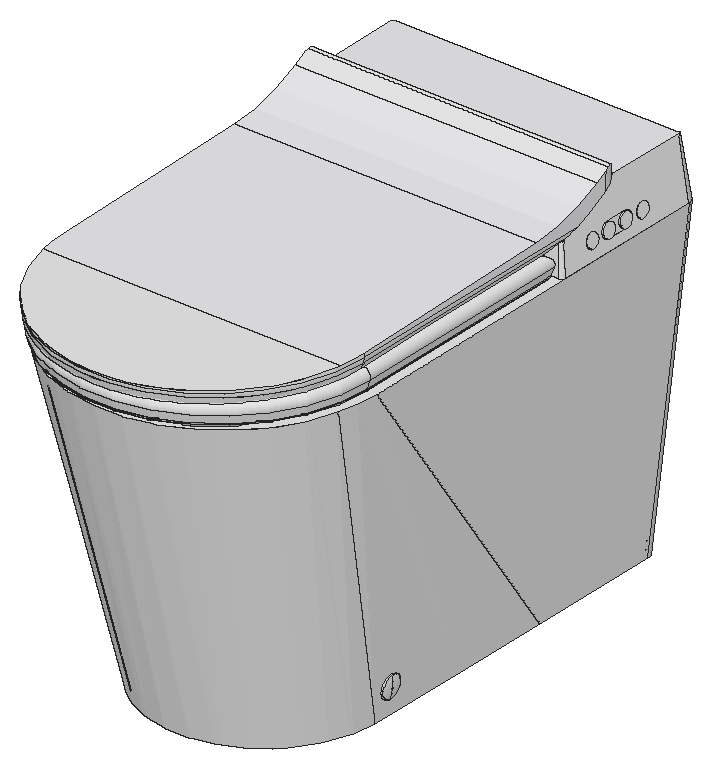
Revit family "X", category Plumbing Fixtures, host Face, Revit 2022 (continued)
Definition of nested family "K-28529X"
  Lines and regions (in)
    symbolic lines, detail levels medium+fine
      curve 126: arc (0, -15.60272, 15.90552) -> (0, -15.6445, 15.88637) -> (0, -15.68187, 15.85961) r 0.24012
      curve 127: line (0, -22.73658, 15.8371) -> (0, -23.63343, 15.8371)
      curve 128: arc (0, -23.63343, 15.8371) -> (0, -23.66226, 15.84423) -> (0, -23.68443, 15.86397) r 0.06184
      curve 129: arc (0, -23.68443, 15.86397) -> (0, -23.71337, 15.89169) -> (0, -23.75098, 15.90552) r 0.09804
      curve 130: arc (0, -22.67651, 15.85961) -> (0, -22.7045, 15.84291) -> (0, -22.73658, 15.8371) r 0.09138
      curve 131: arc (0, -22.59736, 15.90552) -> (0, -22.63914, 15.88637) -> (0, -22.67651, 15.85961) r 0.24012
      curve 132: line (0, -25.79608, 15.90552) -> (0, -12.27045, 15.90552)
      curve 133: line (0, -3.74016, 3.77482) -> (0, -3.74017, 4.93847)
      curve 134: spline (0, -3.74017, 4.93847) -> (0, -3.42502, 4.80705) -> (0, -3.15006, 4.6053) -> (0, -2.93085, 4.34464) -> (0, -2.77984, 4.03986) -> (0, -2.70558, 3.70822) -> (0, -2.71227, 3.36853) -> (0, -2.79955, 3.04004) -> (0, -2.96245, 2.74137) -> (0, -3.19175, 2.48945) -> (0, -3.47446, 2.29856) -> (0, -3.79454, 2.17952) -> (0, -4.13385, 2.13907)
      curve 135: spline (0, -4.13386, 3.3834) -> (0, -4.08247, 3.38675) -> (0, -4.03196, 3.39674) -> (0, -3.98319, 3.4132) -> (0, -3.93701, 3.43585) -> (0, -3.89419, 3.46429) -> (0, -3.85547, 3.49805) -> (0, -3.82151, 3.53654) -> (0, -3.7929, 3.57911) -> (0, -3.77013, 3.62503) -> (0, -3.75357, 3.67351) -> (0, -3.74353, 3.72373) -> (0, -3.74016, 3.77482)
      curve 136: line (0, -4.52756, 3.77481) -> (0, -4.52757, 4.93846)
      curve 137: spline (0, -4.52757, 4.93846) -> (0, -4.84271, 4.80704) -> (0, -5.11767, 4.60528) -> (0, -5.33687, 4.34462) -> (0, -5.48788, 4.03984) -> (0, -5.56214, 3.7082) -> (0, -5.55544, 3.36851) -> (0, -5.46817, 3.04003) -> (0, -5.30526, 2.74136) -> (0, -5.07595, 2.48944) -> (0, -4.79324, 2.29855) -> (0, -4.47316, 2.17952) -> (0, -4.13385, 2.13907)
      curve 138: spline (0, -4.13386, 3.3834) -> (0, -4.18525, 3.38675) -> (0, -4.23576, 3.39674) -> (0, -4.28452, 3.4132) -> (0, -4.33071, 3.43584) -> (0, -4.37353, 3.46429) -> (0, -4.41225, 3.49805) -> (0, -4.4462, 3.53654) -> (0, -4.47481, 3.57911) -> (0, -4.49759, 3.62503) -> (0, -4.51415, 3.67351) -> (0, -4.52419, 3.72372) -> (0, -4.52756, 3.77481)
      curve 139: line (0, -12.09412, 15.90552) -> (0, -12.13632, 15.74803)
      curve 140: arc (0, -6.89609, 17.43712) -> (0, -6.92594, 17.4087) -> (0, -6.93734, 17.36909) r 0.07874
      curve 141: arc (0, -5.70983, 18.66204) -> (0, -6.13924, 18.32275) -> (0, -6.60071, 18.02852) r 5.41629
      curve 142: arc (0, -6.49968, 17.83068) -> (0, -6.00044, 18.0443) -> (0, -5.54675, 18.34269) r 3.06412
      curve 143: line (0, -22.63702, 17.1029) -> (0, -23.36557, 17.09447)
      curve 144: line (0, -22.80945, 16.94568) -> (0, -23.21561, 16.94452)
      curve 145: line (0, -9.15329, 16.58724) -> (0, -27.36533, 16.53704)
      curve 146: line (0, -1.67298, 15.74803) -> (0, -1.67298, 0)
      curve 147: line (0, -1.67298, 15.74803) -> (0, -1.89418, 17.00252)
      curve 148: line (0, -1.12897, 18.26487) -> (0, -5.64922, 18.26487)
      curve 149: line (0, -0.7874, 15.51181) -> (0, -27.29705, 15.51181)
      curve 150: line (0, -0.7874, 0.19685) -> (0, -22.62001, 0.19685)
      curve 151: line (-5.44907, 0, 0.17311) -> (5.44907, 0, 0.17311)
      curve 152: circle (0, -16.72958, 1.37402) r 0.54389 normal (1, 0, 0)
      curve 153: line (-5.74031, 0, 3.22984) -> (-7.18376, 0, 14.82022)
      curve 154: spline (5.65525, 0, 2.73947) -> (5.66259, 0, 2.79177) -> (5.67015, 0, 2.84358) -> (5.67786, 0, 2.89441) -> (5.68563, 0, 2.94377) -> (5.69339, 0, 2.9912) -> (5.70108, 0, 3.03625) -> (5.70861, 0, 3.0785) -> (5.71593, 0, 3.11754) -> (5.72295, 0, 3.15301) -> (5.72961, 0, 3.18457) -> (5.73586, 0, 3.21192) -> (5.74162, 0, 3.23481)
      curve 155: spline (5.71495, 0, 2.73947) -> (5.70538, 0, 2.67174) -> (5.69549, 0, 2.60509) -> (5.68544, 0, 2.54057) -> (5.67538, 0, 2.4792) -> (5.66547, 0, 2.42197) -> (5.65588, 0, 2.36978) -> (5.64675, 0, 2.32346) -> (5.63822, 0, 2.28374) -> (5.63045, 0, 2.25125) -> (5.62353, 0, 2.22651) -> (5.6176, 0, 2.20992) -> (5.61274, 0, 2.20173)
      curve 156: line (5.74162, 0, 3.23481) -> (7.16846, 0, 14.6722)
      curve 157: arc (-7.21375, 0, 16.07865) -> (-7.22688, 0, 16.08837) -> (-7.2309, 0, 16.1042) r 0.0243
      curve 158: arc (-6.96946, 0, 17.10758) -> (-6.98056, 0, 17.1084) -> (-6.99166, 0, 17.10922) r 9.4345
      curve 159: arc (-7.06909, 0, 17.05016) -> (-7.02233, 0, 17.08417) -> (-6.96946, 0, 17.10758) r 0.27349
      curve 160: arc (-6.47498, 0, 19.36614) -> (-6.81114, 0, 19.21689) -> (-6.96066, 0, 18.88084) r 0.51231
      curve 161: arc (6.94938, 0, 18.82947) -> (6.80595, 0, 19.1807) -> (6.47498, 0, 19.36614) r 0.57499
      curve 162: arc (7.06278, 0, 17.05569) -> (7.01868, 0, 17.08624) -> (6.96946, 0, 17.10758) r 0.27349
      curve 163: line (5.62312, 0, 17.08346) -> (6.39368, 0, 17.08346)
      curve 164: line (5.08433, 0, 17.08346) -> (5.62312, 0, 17.08346)
      curve 165: line (4.63582, 0, 15.91563) -> (5.52674, 0, 15.91563)
      curve 166: line (5.52674, 0, 15.91563) -> (6.68784, 0, 15.91563)
      curve 167: line (5.91493, 0, 15.8324) -> (5.64562, 0, 15.8324)
      curve 168: line (-5.66841, 0, 17.08346) -> (-6.39368, 0, 17.08346)
      curve 169: line (-5.11455, 0, 17.08346) -> (-5.66841, 0, 17.08346)
      curve 170: line (7.2309, 0, 16.1042) -> (7.15776, 0, 16.8758)
      curve 171: arc (7.21375, 0, 16.07865) -> (7.22688, 0, 16.08837) -> (7.2309, 0, 16.1042) r 0.0243
      curve 179: line (6.10792, 0, 5.03111) -> (5.684, 0, 2.12297)
      curve 180: arc (0, -1.94941, 17.31576) -> (0, -2.05829, 17.13507) -> (0, -1.89418, 17.00252) r 0.16054
      curve 181: line (0, -5.13376, 15.76598) -> (0, -5.13376, 17.79247)
      curve 182: arc (0, -5.13376, 17.79247) -> (0, -5.1491, 17.82951) -> (0, -5.18613, 17.84485) r 0.05238
      curve 183: line (0, -5.18613, 17.84485) -> (0, -6.09611, 17.84485)
      curve 184: line (0, -6.09611, 17.84485) -> (0, -6.83893, 17.43309)
      curve 185: arc (0, -6.83893, 17.43309) -> (0, -6.87382, 17.39938) -> (0, -6.88715, 17.35272) r 0.09361
      curve 186: line (0, -6.88715, 17.35272) -> (0, -6.91267, 15.76598)
      curve 187: circle (0, -5.22136, 15.83788) r 0.04264 normal (1, 0, 0)
      curve 188: circle (0, -5.37937, 15.83788) r 0.04264 normal (1, 0, 0)
      curve 189: circle (0, -5.49778, 15.83788) r 0.04264 normal (1, 0, 0)
      curve 190: circle (0, -5.62538, 15.83788) r 0.04264 normal (1, 0, 0)
      curve 191: circle (0, -5.75153, 15.83788) r 0.04264 normal (1, 0, 0)
      curve 192: circle (0, -5.8877, 15.83788) r 0.04264 normal (1, 0, 0)
      curve 193: circle (0, -6.02056, 15.83788) r 0.04264 normal (1, 0, 0)
      curve 194: circle (0, -6.14593, 15.83788) r 0.04264 normal (1, 0, 0)
      curve 195: circle (0, -6.27304, 15.83788) r 0.04264 normal (1, 0, 0)
      curve 196: circle (0, -6.39782, 15.83788) r 0.04264 normal (1, 0, 0)
      curve 197: circle (0, -6.51796, 15.83788) r 0.04264 normal (1, 0, 0)
      curve 198: circle (0, -6.64159, 15.83788) r 0.04264 normal (1, 0, 0)
      curve 199: circle (0, -6.77044, 15.83788) r 0.04264 normal (1, 0, 0)
      curve 200: circle (0, -5.22136, 16.03473) r 0.04264 normal (1, 0, 0)
      curve 201: circle (0, -5.37937, 16.03473) r 0.04264 normal (1, 0, 0)
      curve 202: circle (0, -5.49778, 16.03473) r 0.04264 normal (1, 0, 0)
      curve 203: circle (0, -5.62538, 16.03473) r 0.04264 normal (1, 0, 0)
      curve 204: circle (0, -5.75153, 16.03473) r 0.04264 normal (1, 0, 0)
      curve 205: circle (0, -5.8877, 16.03473) r 0.04264 normal (1, 0, 0)
      curve 206: circle (0, -6.02056, 16.03473) r 0.04264 normal (1, 0, 0)
      curve 207: circle (0, -6.14593, 16.03473) r 0.04264 normal (1, 0, 0)
      curve 208: circle (0, -6.27304, 16.03473) r 0.04264 normal (1, 0, 0)
      curve 209: circle (0, -6.39782, 16.03473) r 0.04264 normal (1, 0, 0)
      curve 210: circle (0, -6.51796, 16.03473) r 0.04264 normal (1, 0, 0)
      curve 211: circle (0, -6.64159, 16.03473) r 0.04264 normal (1, 0, 0)
      curve 212: circle (0, -6.77044, 16.03473) r 0.04264 normal (1, 0, 0)
      curve 213: circle (0, -5.22136, 16.23158) r 0.04264 normal (1, 0, 0)
      curve 214: circle (0, -5.37937, 16.23158) r 0.04264 normal (1, 0, 0)
      curve 215: circle (0, -5.49778, 16.23158) r 0.04264 normal (1, 0, 0)
      curve 216: circle (0, -5.62538, 16.23158) r 0.04264 normal (1, 0, 0)
      curve 217: circle (0, -5.75153, 16.23158) r 0.04264 normal (1, 0, 0)
      curve 218: circle (0, -5.8877, 16.23158) r 0.04264 normal (1, 0, 0)
      curve 219: circle (0, -6.02056, 16.23158) r 0.04264 normal (1, 0, 0)
      curve 220: circle (0, -6.14593, 16.23158) r 0.04264 normal (1, 0, 0)
      curve 221: circle (0, -6.27304, 16.23158) r 0.04264 normal (1, 0, 0)
      curve 222: circle (0, -6.39782, 16.23158) r 0.04264 normal (1, 0, 0)
      curve 223: circle (0, -6.51796, 16.23158) r 0.04264 normal (1, 0, 0)
      curve 224: circle (0, -6.64159, 16.23158) r 0.04264 normal (1, 0, 0)
      curve 225: circle (0, -6.77044, 16.23158) r 0.04264 normal (1, 0, 0)
      curve 226: circle (0, -5.22136, 16.42843) r 0.04264 normal (1, 0, 0)
      curve 227: circle (0, -5.37937, 16.42843) r 0.04264 normal (1, 0, 0)
      curve 228: circle (0, -5.49778, 16.42843) r 0.04264 normal (1, 0, 0)
      curve 229: circle (0, -5.62538, 16.42843) r 0.04264 normal (1, 0, 0)
      curve 230: circle (0, -5.75153, 16.42843) r 0.04264 normal (1, 0, 0)
      curve 231: circle (0, -5.8877, 16.42843) r 0.04264 normal (1, 0, 0)
      curve 232: circle (0, -6.02056, 16.42843) r 0.04264 normal (1, 0, 0)
      curve 233: circle (0, -6.14593, 16.42843) r 0.04264 normal (1, 0, 0)
      curve 234: circle (0, -6.27304, 16.42843) r 0.04264 normal (1, 0, 0)
      curve 235: circle (0, -6.39782, 16.42843) r 0.04264 normal (1, 0, 0)
      curve 236: circle (0, -6.51796, 16.42843) r 0.04264 normal (1, 0, 0)
      curve 237: circle (0, -6.64159, 16.42843) r 0.04264 normal (1, 0, 0)
      curve 238: circle (0, -6.77044, 16.42843) r 0.04264 normal (1, 0, 0)
      curve 239: circle (0, -5.22136, 16.62528) r 0.04264 normal (1, 0, 0)
      curve 240: circle (0, -5.37937, 16.62528) r 0.04264 normal (1, 0, 0)
      curve 241: circle (0, -5.49778, 16.62528) r 0.04264 normal (1, 0, 0)
      curve 242: circle (0, -5.62538, 16.62528) r 0.04264 normal (1, 0, 0)
      curve 243: circle (0, -5.75153, 16.62528) r 0.04264 normal (1, 0, 0)
      curve 244: circle (0, -5.8877, 16.62528) r 0.04264 normal (1, 0, 0)
      curve 245: circle (0, -6.02056, 16.62528) r 0.04264 normal (1, 0, 0)
      curve 246: circle (0, -6.14593, 16.62528) r 0.04264 normal (1, 0, 0)
      curve 247: circle (0, -6.27304, 16.62528) r 0.04264 normal (1, 0, 0)
      curve 248: circle (0, -6.39782, 16.62528) r 0.04264 normal (1, 0, 0)
      curve 249: circle (0, -6.51796, 16.62528) r 0.04264 normal (1, 0, 0)
      curve 250: circle (0, -6.64159, 16.62528) r 0.04264 normal (1, 0, 0)
      curve 251: circle (0, -6.77044, 16.62528) r 0.04264 normal (1, 0, 0)
      curve 252: circle (0, -5.22136, 16.82213) r 0.04264 normal (1, 0, 0)
      curve 253: circle (0, -5.37937, 16.82213) r 0.04264 normal (1, 0, 0)
      curve 254: circle (0, -5.49778, 16.82213) r 0.04264 normal (1, 0, 0)
      curve 255: circle (0, -5.62538, 16.82213) r 0.04264 normal (1, 0, 0)
      curve 256: circle (0, -5.75153, 16.82213) r 0.04264 normal (1, 0, 0)
      curve 257: circle (0, -5.8877, 16.82213) r 0.04264 normal (1, 0, 0)
      curve 258: circle (0, -6.02056, 16.82213) r 0.04264 normal (1, 0, 0)
      curve 259: circle (0, -6.14593, 16.82213) r 0.04264 normal (1, 0, 0)
      curve 260: circle (0, -6.27304, 16.82213) r 0.04264 normal (1, 0, 0)
      curve 261: circle (0, -6.39782, 16.82213) r 0.04264 normal (1, 0, 0)
      curve 262: circle (0, -6.51796, 16.82213) r 0.04264 normal (1, 0, 0)
      curve 263: circle (0, -6.64159, 16.82213) r 0.04264 normal (1, 0, 0)
      curve 264: circle (0, -6.77044, 16.82213) r 0.04264 normal (1, 0, 0)
      curve 265: circle (0, -5.22136, 17.01898) r 0.04264 normal (1, 0, 0)
      curve 266: circle (0, -5.37937, 17.01898) r 0.04264 normal (1, 0, 0)
      curve 267: circle (0, -5.49778, 17.01898) r 0.04264 normal (1, 0, 0)
      curve 268: circle (0, -5.62538, 17.01898) r 0.04264 normal (1, 0, 0)
      curve 269: circle (0, -5.75153, 17.01898) r 0.04264 normal (1, 0, 0)
      curve 270: circle (0, -5.8877, 17.01898) r 0.04264 normal (1, 0, 0)
      curve 271: circle (0, -6.02056, 17.01898) r 0.04264 normal (1, 0, 0)
      curve 272: circle (0, -6.14593, 17.01898) r 0.04264 normal (1, 0, 0)
      curve 273: circle (0, -6.27304, 17.01898) r 0.04264 normal (1, 0, 0)
      curve 274: circle (0, -6.39782, 17.01898) r 0.04264 normal (1, 0, 0)
      curve 275: circle (0, -6.51796, 17.01898) r 0.04264 normal (1, 0, 0)
      curve 276: circle (0, -6.64159, 17.01898) r 0.04264 normal (1, 0, 0)
      curve 277: circle (0, -6.77044, 17.01898) r 0.04264 normal (1, 0, 0)
      curve 278: circle (0, -5.22136, 17.21583) r 0.04264 normal (1, 0, 0)
      curve 279: circle (0, -5.37937, 17.21583) r 0.04264 normal (1, 0, 0)
      curve 280: circle (0, -5.49778, 17.21583) r 0.04264 normal (1, 0, 0)
      curve 281: circle (0, -5.62538, 17.21583) r 0.04264 normal (1, 0, 0)
      curve 282: circle (0, -5.75153, 17.21583) r 0.04264 normal (1, 0, 0)
      curve 283: circle (0, -5.8877, 17.21583) r 0.04264 normal (1, 0, 0)
      curve 284: circle (0, -6.02056, 17.21583) r 0.04264 normal (1, 0, 0)
      curve 285: circle (0, -6.14593, 17.21583) r 0.04264 normal (1, 0, 0)
      curve 286: circle (0, -6.27304, 17.21583) r 0.04264 normal (1, 0, 0)
      curve 287: circle (0, -6.39782, 17.21583) r 0.04264 normal (1, 0, 0)
      curve 288: circle (0, -6.51796, 17.21583) r 0.04264 normal (1, 0, 0)
      curve 289: circle (0, -6.64159, 17.21583) r 0.04264 normal (1, 0, 0)
      curve 290: circle (0, -6.77044, 17.21583) r 0.04264 normal (1, 0, 0)
      curve 291: circle (0, -5.22136, 17.41268) r 0.04264 normal (1, 0, 0)
      curve 292: circle (0, -5.37937, 17.41268) r 0.04264 normal (1, 0, 0)
      curve 293: circle (0, -5.49778, 17.41268) r 0.04264 normal (1, 0, 0)
      curve 294: circle (0, -5.62538, 17.41268) r 0.04264 normal (1, 0, 0)
      curve 295: circle (0, -5.75153, 17.41268) r 0.04264 normal (1, 0, 0)
      curve 296: circle (0, -5.8877, 17.41268) r 0.04264 normal (1, 0, 0)
      curve 297: circle (0, -6.02056, 17.41268) r 0.04264 normal (1, 0, 0)
      curve 298: circle (0, -6.14593, 17.41268) r 0.04264 normal (1, 0, 0)
      curve 299: circle (0, -6.27304, 17.41268) r 0.04264 normal (1, 0, 0)
      curve 300: circle (0, -6.39782, 17.41268) r 0.04264 normal (1, 0, 0)
      curve 301: circle (0, -6.51796, 17.41268) r 0.04264 normal (1, 0, 0)
      curve 302: circle (0, -6.64159, 17.41268) r 0.04264 normal (1, 0, 0)
      curve 303: circle (0, -6.77044, 17.41268) r 0.04264 normal (1, 0, 0)
      curve 304: circle (0, -5.22136, 17.60953) r 0.04264 normal (1, 0, 0)
      curve 305: circle (0, -5.37937, 17.60953) r 0.04264 normal (1, 0, 0)
      curve 306: circle (0, -5.49778, 17.60953) r 0.04264 normal (1, 0, 0)
      curve 307: circle (0, -5.62538, 17.60953) r 0.04264 normal (1, 0, 0)
      curve 308: circle (0, -5.75153, 17.60953) r 0.04264 normal (1, 0, 0)
      curve 309: circle (0, -5.8877, 17.60953) r 0.04264 normal (1, 0, 0)
      curve 310: circle (0, -6.02056, 17.60953) r 0.04264 normal (1, 0, 0)
      curve 311: circle (0, -6.14593, 17.60953) r 0.04264 normal (1, 0, 0)
      curve 312: circle (0, -6.27304, 17.60953) r 0.04264 normal (1, 0, 0)
      curve 313: circle (0, -6.39782, 17.60953) r 0.04264 normal (1, 0, 0)
      curve 314: circle (0, -5.22136, 17.7776) r 0.04264 normal (1, 0, 0)
      curve 315: circle (0, -5.37937, 17.7776) r 0.04264 normal (1, 0, 0)
      curve 316: circle (0, -5.49778, 17.7776) r 0.04264 normal (1, 0, 0)
      curve 317: circle (0, -5.62538, 17.7776) r 0.04264 normal (1, 0, 0)
      curve 318: circle (0, -5.75153, 17.7776) r 0.04264 normal (1, 0, 0)
      curve 319: circle (0, -5.8877, 17.7776) r 0.04264 normal (1, 0, 0)
      curve 320: circle (0, -6.02056, 17.7776) r 0.04264 normal (1, 0, 0)
      curve 321: spline (-5.61222, 0, 2.20131) -> (-5.60846, 0, 2.20311) -> (-5.60608, 0, 2.21459) -> (-5.60513, 0, 2.23554) -> (-5.60562, 0, 2.26558) -> (-5.60754, 0, 2.30417) -> (-5.61087, 0, 2.35062) -> (-5.61553, 0, 2.40408) -> (-5.62145, 0, 2.46359) -> (-5.62852, 0, 2.52809) -> (-5.63661, 0, 2.59639) -> (-5.64557, 0, 2.66728) -> (-5.65525, 0, 2.73947)
      curve 322: spline (-5.74031, 0, 3.22984) -> (-5.74914, 0, 3.25998) -> (-5.75619, 0, 3.27574) -> (-5.76128, 0, 3.27668) -> (-5.76427, 0, 3.26277) -> (-5.76507, 0, 3.23439) -> (-5.76366, 0, 3.19233) -> (-5.76007, 0, 3.13776) -> (-5.75441, 0, 3.07218) -> (-5.74684, 0, 2.9974) -> (-5.73756, 0, 2.91549) -> (-5.72683, 0, 2.82871) -> (-5.71495, 0, 2.73947)
      curve 323: spline (5.61274, 0, 2.20173) -> (5.60879, 0, 2.20246) -> (5.60625, 0, 2.21306) -> (5.60515, 0, 2.23335) -> (5.60553, 0, 2.26294) -> (5.60737, 0, 2.30131) -> (5.61064, 0, 2.34772) -> (5.61528, 0, 2.40135) -> (5.6212, 0, 2.46119) -> (5.6283, 0, 2.52616) -> (5.63644, 0, 2.59504) -> (5.64548, 0, 2.66658) -> (5.65525, 0, 2.73947)
      curve 324: spline (5.74162, 0, 3.23481) -> (5.75013, 0, 3.26278) -> (5.75688, 0, 3.27661) -> (5.76169, 0, 3.27593) -> (5.76444, 0, 3.26076) -> (5.76504, 0, 3.23151) -> (5.76348, 0, 3.18897) -> (5.7598, 0, 3.13428) -> (5.75411, 0, 3.06893) -> (5.74655, 0, 2.99468) -> (5.73733, 0, 2.91354) -> (5.7267, 0, 2.8277) -> (5.71495, 0, 2.73947)
      curve 325: arc (0, -1.89418, 17.00252) -> (0, -1.74208, 17.19083) -> (0, -1.94941, 17.31576) r 0.16054
      curve 326: line (0, -1.94941, 17.31576) -> (0, -2.17666, 18.60459)
    symbolic lines
      curve 6: line (-6.34468, -5.38042, 0) -> (6.24272, -5.38042, 0)
      curve 7: arc (-7.12809, -6.00511, 0) -> (-7.12029, -11.74711, 0) -> (-7.1251, -17.48912, 0) r 2611.16093
      curve 8: arc (6.24272, -5.38042, 0) -> (6.55909, -5.43527, 0) -> (6.83853, -5.59343, 0) r 0.93977
      curve 9: arc (-7.12809, -6.00511, 0) -> (-7.02263, -5.75258, 0) -> (-6.83853, -5.55008, 0) r 0.80358
      curve 36: line (-6.83853, -5.55008, 0) -> (-6.83853, -1.92178, 0)
      curve 37: line (6.83853, -5.59343, 0) -> (6.83853, -1.92178, 0)
      curve 38: line (6.36609, -1.44934, 0) -> (-6.36609, -1.44934, 0)
      curve 39: arc (-6.36609, -1.44934, 0) -> (-6.70016, -1.58772, 0) -> (-6.83853, -1.92178, 0) r 0.47244
      curve 40: arc (6.36609, -1.44934, 0) -> (6.70016, -1.58772, 0) -> (6.83853, -1.92178, 0) r 0.47244
      curve 172: arc (-7.1251, -17.48912, 0) -> (-7.12679, -19.08118, 0) -> (-7.1257, -20.67323, 0) r 908.59878
      curve 173: arc (7.12809, -6.00511, 0) -> (7.12512, -7.35914, 0) -> (7.12284, -8.71318, 0) r 2611.16093
      curve 174: arc (7.1251, -17.48912, 0) -> (7.12679, -19.08118, 0) -> (7.1257, -20.67323, 0) r 908.59878
      curve 175: arc (7.12284, -8.71318, 0) -> (7.12263, -8.86618, 0) -> (7.12242, -9.01919, 0) r 2611.16093
      curve 176: arc (7.12242, -9.01919, 0) -> (7.12033, -13.25416, 0) -> (7.1251, -17.48912, 0) r 2611.16093
      curve 177: arc (-6.83853, -5.55008, 0) -> (-6.60577, -5.42402, 0) -> (-6.34468, -5.38042, 0) r 0.80358
      curve 178: arc (6.83853, -5.59343, 0) -> (7.01139, -5.77953, 0) -> (7.12809, -6.00511, 0) r 0.93977
  Dimensions and locks (in)
    plane 8 to level = 19.36614"
    plane 7 to level = 15.74803"
    plane 1 "Center (Front/Back)" to plane 5 = 12.00787"
    plane 5 to plane 9 = 9.64567"
    plane 5 to plane 1 "Center (Front/Back)" = 12.00787"
    plane 4 to plane 6 = 26.79921"
    plane 1 "Center (Front/Back)" to plane 4 = 0.7874"
    plane 4 to plane 5 = 11.22047"
    plane 5 to plane 19 = 10.33858"
    plane 18 to plane 17 = 14.49606"
    aligned and locked: plane 2 to level
